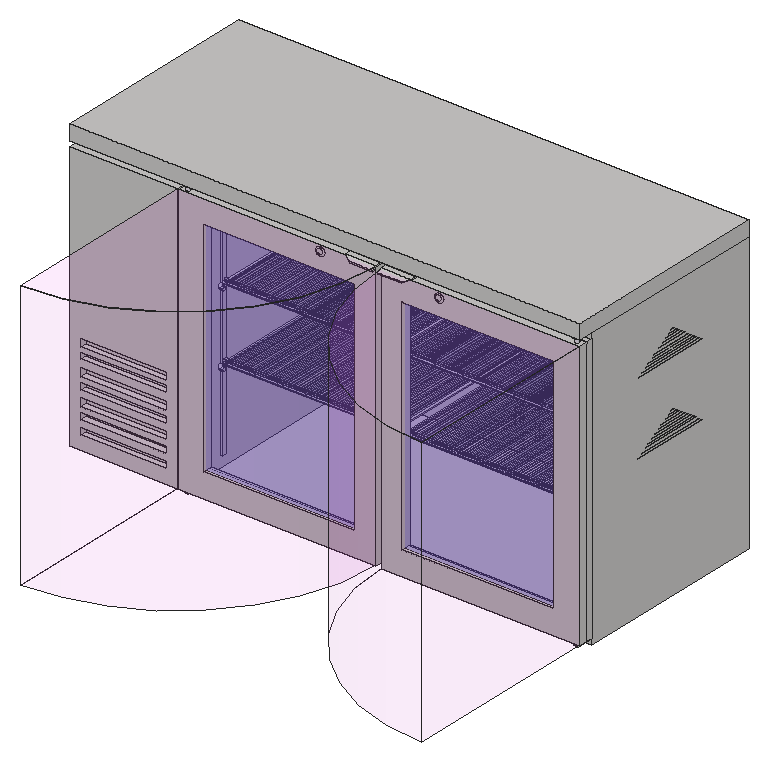
Revit family "QF_True_TBB24-60-2G-Z1-SFT-S-1_Glass_Swing_Door_Back_Bar", category Specialty Equipment, Revit 2021 (continued)
Definition of nested family "TBB24-60-2G-Z1-BST-B-1"
  Forms (in)
    Extrusion 219, solid
      sketch origin (21.18991, -21.41792, 13.54105) x (0, 0, -1) y (1, 0, 0)
        loop
          circle (-0.03189, 15.80488) r 0.03205
      from 0 to -18.90457
    Extrusion 220, solid
      sketch origin (40.73881, -21.41792, 13.54105) x (0, 0, -1) y (1, 0, 0)
        loop
          circle (-0.03189, 15.80488) r 0.03205
      from 0 to -18.90457
    Extrusion 221, solid
      sketch origin (21.52125, -21.41792, 13.54105) x (0, 0, -1) y (1, 0, 0)
        loop
          circle (-0.03189, 15.80488) r 0.03205
      from 0 to -18.90457
    Extrusion 222, solid
      sketch origin (21.85259, -21.41792, 13.54105) x (0, 0, -1) y (1, 0, 0)
        loop
          circle (-0.03189, 15.80488) r 0.03205
      from 0 to -18.90457
    Extrusion 223, solid
      sketch origin (22.18392, -21.41792, 13.54105) x (0, 0, -1) y (1, 0, 0)
        loop
          circle (-0.03189, 15.80488) r 0.03205
      from 0 to -18.90457
    Extrusion 224, solid
      sketch origin (22.51526, -21.41792, 13.54105) x (0, 0, -1) y (1, 0, 0)
        loop
          circle (-0.03189, 15.80488) r 0.03205
      from 0 to -18.90457
    Extrusion 225, solid
      sketch origin (22.8466, -21.41792, 13.54105) x (0, 0, -1) y (1, 0, 0)
        loop
          circle (-0.03189, 15.80488) r 0.03205
      from 0 to -18.90457
    Extrusion 226, solid
      sketch origin (23.17793, -21.41792, 13.54105) x (0, 0, -1) y (1, 0, 0)
        loop
          circle (-0.03189, 15.80488) r 0.03205
      from 0 to -18.90457
    Extrusion 227, solid
      sketch origin (23.50927, -21.41792, 13.54105) x (0, 0, -1) y (1, 0, 0)
        loop
          circle (-0.03189, 15.80488) r 0.03205
      from 0 to -18.90457
    Extrusion 228, solid
      sketch origin (23.84061, -21.41792, 13.54105) x (0, 0, -1) y (1, 0, 0)
        loop
          circle (-0.03189, 15.80488) r 0.03205
      from 0 to -18.90457
    Extrusion 229, solid
      sketch origin (24.17195, -21.41792, 13.54105) x (0, 0, -1) y (1, 0, 0)
        loop
          circle (-0.03189, 15.80488) r 0.03205
      from 0 to -18.90457
    Extrusion 230, solid
      sketch origin (24.50328, -21.41792, 13.54105) x (0, 0, -1) y (1, 0, 0)
        loop
          circle (-0.03189, 15.80488) r 0.03205
      from 0 to -18.90457
    Extrusion 231, solid
      sketch origin (24.83462, -21.41792, 13.54105) x (0, 0, -1) y (1, 0, 0)
        loop
          circle (-0.03189, 15.80488) r 0.03205
      from 0 to -18.90457
    Extrusion 232, solid
      sketch origin (25.16596, -21.41792, 13.54105) x (0, 0, -1) y (1, 0, 0)
        loop
          circle (-0.03189, 15.80488) r 0.03205
      from 0 to -18.90457
    Extrusion 233, solid
      sketch origin (25.4973, -21.41792, 13.54105) x (0, 0, -1) y (1, 0, 0)
        loop
          circle (-0.03189, 15.80488) r 0.03205
      from 0 to -18.90457
    Extrusion 234, solid
      sketch origin (25.82863, -21.41792, 13.54105) x (0, 0, -1) y (1, 0, 0)
        loop
          circle (-0.03189, 15.80488) r 0.03205
      from 0 to -18.90457
    Extrusion 235, solid
      sketch origin (26.15997, -21.41792, 13.54105) x (0, 0, -1) y (1, 0, 0)
        loop
          circle (-0.03189, 15.80488) r 0.03205
      from 0 to -18.90457
    Extrusion 236, solid
      sketch origin (26.49131, -21.41792, 13.54105) x (0, 0, -1) y (1, 0, 0)
        loop
          circle (-0.03189, 15.80488) r 0.03205
      from 0 to -18.90457
    Extrusion 237, solid
      sketch origin (26.82264, -21.41792, 13.54105) x (0, 0, -1) y (1, 0, 0)
        loop
          circle (-0.03189, 15.80488) r 0.03205
      from 0 to -18.90457
    Extrusion 238, solid
      sketch origin (27.15398, -21.41792, 13.54105) x (0, 0, -1) y (1, 0, 0)
        loop
          circle (-0.03189, 15.80488) r 0.03205
      from 0 to -18.90457
    Extrusion 239, solid
      sketch origin (27.48532, -21.41792, 13.54105) x (0, 0, -1) y (1, 0, 0)
        loop
          circle (-0.03189, 15.80488) r 0.03205
      from 0 to -18.90457
    Extrusion 240, solid
      sketch origin (27.81666, -21.41792, 13.54105) x (0, 0, -1) y (1, 0, 0)
        loop
          circle (-0.03189, 15.80488) r 0.03205
      from 0 to -18.90457
    Extrusion 241, solid
      sketch origin (28.14799, -21.41792, 13.54105) x (0, 0, -1) y (1, 0, 0)
        loop
          circle (-0.03189, 15.80488) r 0.03205
      from 0 to -18.90457
    Extrusion 242, solid
      sketch origin (28.47933, -21.41792, 13.54105) x (0, 0, -1) y (1, 0, 0)
        loop
          circle (-0.03189, 15.80488) r 0.03205
      from 0 to -18.90457
    Extrusion 243, solid
      sketch origin (28.81067, -21.41792, 13.54105) x (0, 0, -1) y (1, 0, 0)
        loop
          circle (-0.03189, 15.80488) r 0.03205
      from 0 to -18.90457
    Extrusion 244, solid
      sketch origin (29.142, -21.41792, 13.54105) x (0, 0, -1) y (1, 0, 0)
        loop
          circle (-0.03189, 15.80488) r 0.03205
      from 0 to -18.90457
    Extrusion 245, solid
      sketch origin (29.47334, -21.41792, 13.54105) x (0, 0, -1) y (1, 0, 0)
        loop
          circle (-0.03189, 15.80488) r 0.03205
      from 0 to -18.90457
    Extrusion 246, solid
      sketch origin (29.80468, -21.41792, 13.54105) x (0, 0, -1) y (1, 0, 0)
        loop
          circle (-0.03189, 15.80488) r 0.03205
      from 0 to -18.90457
    Extrusion 247, solid
      sketch origin (30.13602, -21.41792, 13.54105) x (0, 0, -1) y (1, 0, 0)
        loop
          circle (-0.03189, 15.80488) r 0.03205
      from 0 to -18.90457
    Extrusion 248, solid
      sketch origin (30.46735, -21.41792, 13.54105) x (0, 0, -1) y (1, 0, 0)
        loop
          circle (-0.03189, 15.80488) r 0.03205
      from 0 to -18.90457
    Extrusion 249, solid
      sketch origin (30.79869, -21.41792, 13.54105) x (0, 0, -1) y (1, 0, 0)
        loop
          circle (-0.03189, 15.80488) r 0.03205
      from 0 to -18.90457
    Extrusion 250, solid
      sketch origin (31.13003, -21.41792, 13.54105) x (0, 0, -1) y (1, 0, 0)
        loop
          circle (-0.03189, 15.80488) r 0.03205
      from 0 to -18.90457
    Extrusion 251, solid
      sketch origin (31.46137, -21.41792, 13.54105) x (0, 0, -1) y (1, 0, 0)
        loop
          circle (-0.03189, 15.80488) r 0.03205
      from 0 to -18.90457
    Extrusion 252, solid
      sketch origin (31.7927, -21.41792, 13.54105) x (0, 0, -1) y (1, 0, 0)
        loop
          circle (-0.03189, 15.80488) r 0.03205
      from 0 to -18.90457
    Extrusion 253, solid
      sketch origin (32.12404, -21.41792, 13.54105) x (0, 0, -1) y (1, 0, 0)
        loop
          circle (-0.03189, 15.80488) r 0.03205
      from 0 to -18.90457
    Extrusion 254, solid
      sketch origin (32.45538, -21.41792, 13.54105) x (0, 0, -1) y (1, 0, 0)
        loop
          circle (-0.03189, 15.80488) r 0.03205
      from 0 to -18.90457
    Extrusion 255, solid
      sketch origin (32.78671, -21.41792, 13.54105) x (0, 0, -1) y (1, 0, 0)
        loop
          circle (-0.03189, 15.80488) r 0.03205
      from 0 to -18.90457
    Extrusion 256, solid
      sketch origin (33.11805, -21.41792, 13.54105) x (0, 0, -1) y (1, 0, 0)
        loop
          circle (-0.03189, 15.80488) r 0.03205
      from 0 to -18.90457
    Extrusion 257, solid
      sketch origin (33.44939, -21.41792, 13.54105) x (0, 0, -1) y (1, 0, 0)
        loop
          circle (-0.03189, 15.80488) r 0.03205
      from 0 to -18.90457
    Extrusion 258, solid
      sketch origin (33.78073, -21.41792, 13.54105) x (0, 0, -1) y (1, 0, 0)
        loop
          circle (-0.03189, 15.80488) r 0.03205
      from 0 to -18.90457
    Extrusion 259, solid
      sketch origin (34.11206, -21.41792, 13.54105) x (0, 0, -1) y (1, 0, 0)
        loop
          circle (-0.03189, 15.80488) r 0.03205
      from 0 to -18.90457
    Extrusion 260, solid
      sketch origin (34.4434, -21.41792, 13.54105) x (0, 0, -1) y (1, 0, 0)
        loop
          circle (-0.03189, 15.80488) r 0.03205
      from 0 to -18.90457
    Extrusion 261, solid
      sketch origin (34.77474, -21.41792, 13.54105) x (0, 0, -1) y (1, 0, 0)
        loop
          circle (-0.03189, 15.80488) r 0.03205
      from 0 to -18.90457
    Extrusion 262, solid
      sketch origin (35.10607, -21.41792, 13.54105) x (0, 0, -1) y (1, 0, 0)
        loop
          circle (-0.03189, 15.80488) r 0.03205
      from 0 to -18.90457
    Extrusion 263, solid
      sketch origin (35.43741, -21.41792, 13.54105) x (0, 0, -1) y (1, 0, 0)
        loop
          circle (-0.03189, 15.80488) r 0.03205
      from 0 to -18.90457
    Extrusion 264, solid
      sketch origin (35.76875, -21.41792, 13.54105) x (0, 0, -1) y (1, 0, 0)
        loop
          circle (-0.03189, 15.80488) r 0.03205
      from 0 to -18.90457
    Extrusion 265, solid
      sketch origin (36.10009, -21.41792, 13.54105) x (0, 0, -1) y (1, 0, 0)
        loop
          circle (-0.03189, 15.80488) r 0.03205
      from 0 to -18.90457
    Extrusion 266, solid
      sketch origin (36.43142, -21.41792, 13.54105) x (0, 0, -1) y (1, 0, 0)
        loop
          circle (-0.03189, 15.80488) r 0.03205
      from 0 to -18.90457
    Extrusion 267, solid
      sketch origin (36.76276, -21.41792, 13.54105) x (0, 0, -1) y (1, 0, 0)
        loop
          circle (-0.03189, 15.80488) r 0.03205
      from 0 to -18.90457
    Extrusion 268, solid
      sketch origin (37.0941, -21.41792, 13.54105) x (0, 0, -1) y (1, 0, 0)
        loop
          circle (-0.03189, 15.80488) r 0.03205
      from 0 to -18.90457
    Extrusion 269, solid
      sketch origin (37.42544, -21.41792, 13.54105) x (0, 0, -1) y (1, 0, 0)
        loop
          circle (-0.03189, 15.80488) r 0.03205
      from 0 to -18.90457
    Extrusion 270, solid
      sketch origin (37.75677, -21.41792, 13.54105) x (0, 0, -1) y (1, 0, 0)
        loop
          circle (-0.03189, 15.80488) r 0.03205
      from 0 to -18.90457
    Extrusion 271, solid
      sketch origin (38.08811, -21.41792, 13.54105) x (0, 0, -1) y (1, 0, 0)
        loop
          circle (-0.03189, 15.80488) r 0.03205
      from 0 to -18.90457
    Extrusion 272, solid
      sketch origin (38.41945, -21.41792, 13.54105) x (0, 0, -1) y (1, 0, 0)
        loop
          circle (-0.03189, 15.80488) r 0.03205
      from 0 to -18.90457
    Extrusion 273, solid
      sketch origin (38.75078, -21.41792, 13.54105) x (0, 0, -1) y (1, 0, 0)
        loop
          circle (-0.03189, 15.80488) r 0.03205
      from 0 to -18.90457
    Extrusion 274, solid
      sketch origin (39.08212, -21.41792, 13.54105) x (0, 0, -1) y (1, 0, 0)
        loop
          circle (-0.03189, 15.80488) r 0.03205
      from 0 to -18.90457
    Extrusion 275, solid
      sketch origin (39.41346, -21.41792, 13.54105) x (0, 0, -1) y (1, 0, 0)
        loop
          circle (-0.03189, 15.80488) r 0.03205
      from 0 to -18.90457
    Extrusion 276, solid
      sketch origin (39.7448, -21.41792, 13.54105) x (0, 0, -1) y (1, 0, 0)
        loop
          circle (-0.03189, 15.80488) r 0.03205
      from 0 to -18.90457
    Extrusion 277, solid
      sketch origin (40.07613, -21.41792, 13.54105) x (0, 0, -1) y (1, 0, 0)
        loop
          circle (-0.03189, 15.80488) r 0.03205
      from 0 to -18.90457
    Extrusion 278, solid
      sketch origin (40.40747, -21.41792, 13.54105) x (0, 0, -1) y (1, 0, 0)
        loop
          circle (-0.03189, 15.80488) r 0.03205
      from 0 to -18.90457
    Revolve 279, solid
      sketch origin (-45.75, -24.2475, 32.27501) x (0, 0, -1) y (1, 0, 0)
        loop
          line (-0.66249, 59.28125) -> (0, 59.28125) -> (0, 59.53125) -> (-0.5, 59.53125) -> (-0.5, 59.70135) -> (-0.66249, 59.70135) -> (-0.66249, 59.28125)
        axis (-0.66249, 59.28125) -> (0, 59.28125)
      angle from 0 to 360
    Revolve 280, solid
      sketch origin (118.5625, -24.2475, 32.27501) x (0, 0, -1) y (1, 0, 0)
        loop
          line (-0.66249, -59.28125) -> (-0.66249, -59.70135) -> (-0.5, -59.70135) -> (-0.5, -59.53125) -> (0, -59.53125) -> (0, -59.28125) -> (-0.66249, -59.28125)
        axis (-0.66249, -59.28125) -> (0, -59.28125)
      angle from 0 to 360
    Blend 281, solid, material <- "Door Finish"
      base sketch origin (-19, -24.875, 35.99786) x (0, 0, -1) y (1, 0, 0)
        loop
          circle (4.37806, 48.52437) r 0.5
      top sketch origin (-19, -24.875, 35.99786) x (0, 0, 1) y (1, 0, 0)
        loop
          circle (-4.37806, 48.52437) r 0.37406
      from 0 to 0.04478
    Extrusion 282, solid, material <- "Door Finish"
      sketch origin (36.09375, -23.80172, 31.67503) x (0, 0, -1) y (0, 1, 0)
        loop
          line (-0.59999, -0.37926) -> (-0.72499, -0.37926) -> (-0.72499, -1.07258) -> (-0.43164, -1.54203) -> (-0.28424, -1.54203) -> (-0.59999, -1.03673) -> (-0.59999, -0.37926)
      from 0 to -3.5
    Extrusion 283, void
      sketch origin (36.09375, -24.8743, 32.40001) x (0, 0.848048, 0.529919) y (1, 0, 0)
        loop
          line (0, -3.5) -> (-0.84728, -2.4866) -> (-0.84728, -3.5) -> (0, -3.5)
      from 0 to 0.25
    Extrusion 284, solid, material <- "Door Finish"
      sketch origin (40.21875, -23.80172, 31.67503) x (0, 0, -1) y (0, 1, 0)
        loop
          line (-0.59999, -0.37926) -> (-0.72499, -0.37926) -> (-0.72499, -1.07258) -> (-0.43164, -1.54203) -> (-0.28424, -1.54203) -> (-0.59999, -1.03673) -> (-0.59999, -0.37926)
      from 0 to -3.5
    Extrusion 285, solid, material <- "Door Finish"
      sketch origin (1.0398, -23.09422, 32.9375) x (0, 0, -1) y (1, 0, 0)
        loop
          line (0.66249, 11.74145) -> (32.25, 11.74145) -> (32.25, 35.05395) -> (0.66249, 35.05395) -> (0.66249, 11.74145)
        loop
          line (3.27169, 14.74153) -> (29.40712, 14.74153) -> (29.40712, 32.59088) -> (3.27169, 32.59088) -> (3.27169, 14.74153)
      from 1.78078 to 0.64622
    Extrusion 286, void
      sketch origin (36.71875, -24.8743, 32.40001) x (0, 0.848048, 0.529919) y (1, 0, 0)
        loop
          line (0, 3.5) -> (-0.84728, 3.5) -> (-0.84728, 2.4866) -> (0, 3.5)
      from 0 to 0.25
    Extrusion 287, solid, visible <- "Show Door Clearance"
      sketch origin (36.01135, -23.09422, 0.6875) x (0, -1, 0) y (-1, 0, 0)
        loop
          line (1.78078, -0.7074) -> (1.78078, -24.0199) -> (24.99753, -24.0199)
          arc (24.99753, -24.0199) -> (18.11444, -7.65777) -> (1.78078, -0.7074) r 23.62444
      from 0 to -31.58751
    Extrusion 288, solid, visible <- "Show Door Clearance"
      sketch origin (36.80115, -23.09422, 0.6875) x (0, 1, 0) y (1, 0, 0)
        loop
          arc (-1.78078, -0.7074) -> (-18.11444, -7.65777) -> (-24.99753, -24.0199) r 23.62444
          line (-24.99753, -24.0199) -> (-1.78078, -24.0199) -> (-1.78078, -0.7074)
      from 0 to -31.58751
    Extrusion 289, solid
      sketch origin (34.40058, -23.09422, 3.53038) x (-1, 0, 0) y (0, -1, 0)
        loop
          line (18.61924, 1.4635) -> (0.7699, 1.4635) -> (0.7699, 0.9635) -> (18.61924, 0.9635) -> (18.61924, 1.4635)
      from 0 to 26.13543
    Extrusion 290, solid
      sketch origin (57.80107, -23.09422, 3.53038) x (-1, 0, 0) y (0, -1, 0)
        loop
          line (18.61924, 1.4635) -> (0.7699, 1.4635) -> (0.7699, 0.9635) -> (18.61924, 0.9635) -> (18.61924, 1.4635)
      from 0 to 26.13543
  Cuts and joins
    Extrusion 3, Extrusion 5 cuts Extrusion 2
    Extrusion 5 cuts Extrusion 4
    joined: Extrusion 26, Extrusion 27
    Extrusion 283, Extrusion 286 cuts Extrusion 282
    Extrusion 286 cuts Extrusion 285
    Extrusion 286 cuts Extrusion 284
  Lines and regions (in)
    Split face 1
      outline origin (0, 0.03125, 32.6875) x (0, 0, 1) y (1, 0, 0)
        loop
          line (-15.04167, 10.7061) -> (-29.59231, 10.7061) -> (-29.59231, 0.9561) -> (-15.04167, 0.9561) -> (-15.04167, 10.7061)
    Split face 2
      outline origin (60.03125, 0, 0) x (-1, 0, 0) y (0, 0, 1)
        loop
          line (48.03125, 32.9375) -> (48.03125, 0)
        loop
          line (45.65625, 0) -> (45.65625, 32.9375)
        loop
          line (2.75, 32.9375) -> (2.75, 0)
    Split face 3
      outline origin (0, -24.875, 32.27501) x (-1, 0, 0) y (0, 0, -1)
        loop
          line (-2.26866, 1.36126) -> (-2.26866, 2.86126) -> (-10.197, 2.86126) -> (-10.197, 1.36126) -> (-2.26866, 1.36126)
    symbolic lines
      curve 1: line (60.03125, 0, 0) -> (0, 0, 0)
      curve 2: line (0, 0, 0) -> (0, -25.34375, 0)
      curve 3: line (60.03125, -25.34375, 0) -> (60.03125, 0, 0)
      curve 4: line (0, -24.875, 0) -> (60.03125, -24.875, 0)
      curve 7: line (33.34928, -25.34375, 0) -> (32.68817, -24.875, 0)
      curve 8: line (33.34928, -25.34375, 0) -> (36.09375, -25.34375, 0)
      curve 9: line (36.09375, -25.34375, 0) -> (36.09375, -24.875, 0)
      curve 10: line (39.46322, -25.34375, 0) -> (40.12433, -24.875, 0)
      curve 11: line (39.46322, -25.34375, 0) -> (36.71875, -25.34375, 0)
      curve 12: line (36.71875, -25.34375, 0) -> (36.71875, -24.875, 0)
    symbolic lines, visible <- "Show Door Clearance"
      curve 5: line (12.78125, -24.875, 0) -> (32.83289, -36.45182, 0)
      curve 6: line (60.03125, -24.875, 0) -> (39.97961, -36.45182, 0)
      curve 13: arc (36.09375, -24.875, 0) -> (35.21239, -30.8744, 0) -> (32.83289, -36.45182, 0) r 23.62444
      curve 14: arc (39.97961, -36.45182, 0) -> (37.60011, -30.8744, 0) -> (36.71875, -24.875, 0) r 23.62444
  Dimensions and locks (in)
    equal spacing: plane 3 "LEFT", plane 7 "Center Y", plane 4 "RIGHT"
    "Length": plane 3 "LEFT" to plane 4 "RIGHT"
    equal spacing: plane 5 "FRONT", plane 8 "Center X", plane 1 "BACK"
    "Depth": plane 5 "FRONT" to plane 1 "BACK"
    "Height": plane 6 "TOP" to level
    plane 1 "BACK" to plane 9 = 48 3/32"
    plane 10 to level = 11/16"
    plane 5 "FRONT" to plane 1 "BACK" = 25 11/32"
    plane 9 to plane 1 "BACK" = 48 3/32"
    plane 6 "TOP" to plane 11 = 1 25/32"
    equal spacing: group 1, group 3, group 4, group 5, group 6, group 7, group 8, group 9, group 10, group 11, group 12, group 13, group 14, group 15, group 16, group 17, group 18, group 19, group 20, group 21, group 22, group 23, group 24, group 25, group 26, group 27, group 28, group 29, group 30, group 31, group 32, group 33, group 34, group 35, group 36, group 37, group 38, group 39, group 40, group 41, group 42, group 43, group 44, group 45, group 46, group 47, group 48, group 49, group 50, group 2  (x3)
    plane 5 "FRONT" to plane 9 = 22 3/4"
    plane 4 "RIGHT" to plane 3 "LEFT" = 60 1/32"
    plane 15 to plane 1 "BACK" = 24 7/8"
    equal spacing: group 51, group 53, group 54, group 55, group 56, group 57, group 58, group 59, group 60, group 61, group 62, group 63, group 64, group 65, group 66, group 67, group 68, group 69, group 70, group 71, group 72, group 73, group 74, group 75, group 76, group 77, group 78, group 79, group 80, group 81, group 82, group 83, group 84, group 85, group 86, group 87, group 88, group 89, group 90, group 91, group 92, group 93, group 94, group 95, group 96, group 97, group 98, group 99, group 100, group 101, group 102, group 103, group 104, group 105, group 106, group 107, group 108, group 109, group 110, group 52  (x3)
    aligned and locked: level to plane 2
  Automatic sketch dimensions
    Extrusion 1 sketch curve to plane 3 "LEFT" = 0"
    plane 4 "RIGHT" to Extrusion 1 sketch curve = 0"
    Extrusion 1 sketch curve to plane 11 = 0"
    Extrusion 1 sketch curve to plane 6 "TOP" = 0"
    plane 11 to Extrusion 2 sketch curve = 0"
    Extrusion 2 sketch curve to level = 0"
    Extrusion 2 sketch curve to plane 1 "BACK" = 0"
    Extrusion 2 sketch curve to plane 13 = 1.6763"
    plane 1 "BACK" to Extrusion 3 sketch curve = 1.91691"
    Extrusion 3 sketch curve to plane 13 = 1.6763"
    plane 3 "LEFT" to Extrusion 3 sketch curve = 14 29/32"
    plane 4 "RIGHT" to Extrusion 3 sketch curve = 2.61437"
    Extrusion 4 sketch curve to Extrusion 2 = 0"
    Extrusion 4 sketch curve to Extrusion 2 = 0.66249"
    Extrusion 4 sketch curve to Extrusion 2 = 11/16"
    Extrusion 2 to Extrusion 4 sketch curve = 12 25/32"
    Extrusion 4 to Extrusion 5 sketch curve = 1.61339"
    Extrusion 5 sketch curve to Extrusion 5 sketch curve = 0.82714"  (x4)
    Extrusion 5 sketch curve to Extrusion 5 sketch curve = 0.79786"
    Extrusion 5 sketch curve to Extrusion 5 sketch curve = 0.57908"  (x2)
    Extrusion 5 sketch curve to Extrusion 5 sketch curve = 1"  (x3)
    Extrusion 5 sketch curve to Extrusion 5 sketch curve = 0.71878"
    Extrusion 5 sketch curve to Extrusion 5 sketch curve = 0.84378"
    Extrusion 5 sketch curve to Extrusion 5 sketch curve = 0.45408"
    Extrusion 4 to Extrusion 5 sketch curve = 1.27626"  (x2)
    Extrusion 5 sketch curve to Extrusion 5 sketch curve = 0"  (x11)
    Extrusion 4 to Extrusion 5 sketch curve = 1.32665"
    Extrusion 6 sketch curve to Extrusion 2 = 0"
    Extrusion 2 to Extrusion 6 sketch curve = 9/16"
    Extrusion 6 sketch curve to Extrusion 6 sketch curve = 3/4"  (x3)
    Extrusion 6 sketch curve to Extrusion 2 = 13.59037"
    Extrusion 2 to Extrusion 6 sketch curve = 3/4"
    Extrusion 6 sketch curve to Extrusion 6 sketch curve = 0"  (x2)
    Extrusion 6 sketch curve to Extrusion 6 sketch curve = 0.44096"
    Extrusion 6 sketch curve to Extrusion 6 sketch curve = 4.44897"
    Extrusion 6 sketch curve to Extrusion 6 sketch curve = 10.52264"
    Split face 1 sketch curve to Extrusion 6 = 2.53269"
    Split face 1 sketch curve to Extrusion 6 = 2.4513"
    Split face 1 sketch curve to Extrusion 6 = 0.9561"
    Split face 1 sketch curve to Extrusion 6 = 1.31655"
    Extrusion 7 sketch curve to Extrusion 6 = 0.05904"
    Extrusion 6 to Extrusion 7 sketch curve = 0.19096"  (x2)
    Extrusion 7 sketch curve to Extrusion 6 = 0.31699"  (x2)
    Extrusion 7 sketch curve to Extrusion 7 sketch curve = 1/2"  (x2)
    Extrusion 7 sketch curve to Extrusion 7 sketch curve = 1/4"
    Extrusion 7 sketch curve to Extrusion 7 sketch curve = 0.43301"  (x2)
    Extrusion 8 sketch curve to Extrusion 6 = 0.72262"
    Extrusion 8 sketch curve to Extrusion 6 = 1.73005"
    Split face 2 sketch curve to cut or joined group of Extrusion 2, Extrusion 3, Extrusion 5 = 0"  (x6)
    Split face 2 sketch curve to cut or joined group of Extrusion 2, Extrusion 3, Extrusion 5 = 2 3/4"
    Split face 2 sketch curve to cut or joined group of Extrusion 2, Extrusion 3, Extrusion 5 = 14 3/8"
    Split face 2 sketch curve to Split face 2 sketch curve = 2 3/8"
    plane 11 to Blend 9 sketch curve = 1.31771"  (x2)
    plane 7 "Center Y" to Blend 9 sketch curve = 13.50874"  (x2)
    Split face 3 sketch curve to cut or joined group of Extrusion 4, Extrusion 5 = 1.2576"
    Split face 3 sketch curve to cut or joined group of Extrusion 4, Extrusion 5 = 0.9924"
    Split face 3 sketch curve to cut or joined group of Extrusion 4, Extrusion 5 = 1.36126"
    Split face 3 sketch curve to Split face 3 sketch curve = 1 1/2"
    Extrusion 10 sketch curve to Extrusion 3 = 1.6763"
    Extrusion 10 sketch curve to Extrusion 10 sketch curve = 1/2"  (x2)
    Extrusion 3 to Extrusion 10 sketch curve = 3.25101"
    Extrusion 3 to Extrusion 10 sketch curve = 1.46788"  (x2)
    Extrusion 3 to Extrusion 10 sketch curve = 1.74463"  (x2)
    Extrusion 3 to Extrusion 11 sketch curve = 2.75101"
    Extrusion 11 sketch curve to Extrusion 11 sketch curve = 1/2"  (x2)
    Extrusion 3 to Extrusion 11 sketch curve = 2.1763"
    Extrusion 3 to Extrusion 11 sketch curve = 1.46788"  (x2)
    Extrusion 3 to Extrusion 11 sketch curve = 1.74463"  (x2)
    Extrusion 3 to Extrusion 12 sketch curve = 1.46788"  (x4)
    Extrusion 12 sketch curve to Extrusion 3 = 3.8189"
    Extrusion 12 sketch curve to Extrusion 12 sketch curve = 1/2"  (x4)
    Extrusion 12 sketch curve to Extrusion 12 sketch curve = 15 5/16"
    Extrusion 12 sketch curve to Extrusion 12 sketch curve = 1.77627"
    Extrusion 3 to Extrusion 12 sketch curve = 1.74463"  (x4)
    Extrusion 12 sketch curve to Extrusion 3 = 4.27984"
    Sweep 13 sketch curve to plane 13 = 0"
    plane 13 to Sweep 13 sketch curve = 1/2"
    plane 7 "Center Y" to Sweep 13 sketch curve = 5.49328"
    Sweep 13 sketch curve to Sweep 13 sketch curve = 1/2"  (x2)
    Sweep 13 sketch curve to plane 13 = 1/2"
    Sweep 13 sketch curve to plane 7 "Center Y" = 14.00672"  (x2)
    plane 1 "BACK" to Sweep 13 sketch curve = 3.04972"
    Sweep 13 sketch curve to Sweep 13 sketch curve = 1/4"
    profile plane to Sweep 13 sketch curve = 0"
    Sweep 13 sketch curve to profile plane = 0.10817"
    Extrusion 10 to Extrusion 14 sketch curve = 0"
    Extrusion 10 to Extrusion 14 sketch curve = 9.35512"  (x2)
    Extrusion 14 sketch curve to Extrusion 10 = 0.44283"
    Extrusion 14 sketch curve to Extrusion 14 sketch curve = 0.44283"  (x3)
    Extrusion 14 sketch curve to Extrusion 14 sketch curve = 0.13831"  (x2)
    Extrusion 14 sketch curve to Extrusion 14 sketch curve = 40.86249"
    Extrusion 10 to Extrusion 15 sketch curve = 0"
    Extrusion 10 to Extrusion 15 sketch curve = 9.35512"  (x2)
    Extrusion 15 sketch curve to Extrusion 10 = 0.44283"
    Extrusion 15 sketch curve to Extrusion 15 sketch curve = 0.44283"  (x3)
    Extrusion 15 sketch curve to Extrusion 15 sketch curve = 0.13831"  (x2)
    Extrusion 15 sketch curve to Extrusion 15 sketch curve = 40.86249"
    Extrusion 16 sketch curve to Extrusion 12 = 0"
    Extrusion 12 to Extrusion 16 sketch curve = 9.35512"
    Extrusion 16 sketch curve to Extrusion 16 sketch curve = 0.44283"  (x2)
    Extrusion 16 sketch curve to Extrusion 16 sketch curve = 0.13831"
    Extrusion 17 sketch curve to Extrusion 12 = 0"
    Extrusion 12 to Extrusion 17 sketch curve = 9.35512"
    Extrusion 17 sketch curve to Extrusion 17 sketch curve = 0.44283"  (x2)
    Extrusion 17 sketch curve to Extrusion 17 sketch curve = 0.13831"
    plane 1 "BACK" to Extrusion 18 sketch curve = 2.29972"
    plane 11 to Extrusion 18 sketch curve = 11.76224"
    Extrusion 18 sketch curve to Extrusion 18 sketch curve = 0.44283"  (x2)
    Extrusion 18 sketch curve to Extrusion 18 sketch curve = 0.13831"
    Extrusion 10 to Extrusion 19 sketch curve = 0"
    Extrusion 19 sketch curve to Extrusion 10 = 9.14488"  (x2)
    Extrusion 19 sketch curve to Extrusion 10 = 0.44283"
    Extrusion 19 sketch curve to Extrusion 19 sketch curve = 0.44283"  (x3)
    Extrusion 19 sketch curve to Extrusion 19 sketch curve = 0.13831"  (x2)
    Extrusion 19 sketch curve to Extrusion 19 sketch curve = 40.86249"
    Extrusion 20 sketch curve to Extrusion 12 = 0"
    Extrusion 20 sketch curve to Extrusion 12 = 9.14488"
    Extrusion 20 sketch curve to Extrusion 20 sketch curve = 0.44283"  (x2)
    Extrusion 20 sketch curve to Extrusion 20 sketch curve = 0.13831"
    Extrusion 21 sketch curve to Extrusion 12 = 0"
    Extrusion 21 sketch curve to Extrusion 12 = 9.14488"
    Extrusion 21 sketch curve to Extrusion 21 sketch curve = 0.44283"  (x2)
    Extrusion 21 sketch curve to Extrusion 21 sketch curve = 0.13831"
    plane 13 to Extrusion 22 sketch curve = 0.25025"
    plane 11 to Extrusion 22 sketch curve = 10.77657"
    plane 13 to Extrusion 23 sketch curve = 0.25025"
    Extrusion 23 sketch curve to plane 12 = 11.59843"
    plane 13 to Extrusion 24 sketch curve = 0.25025"
    plane 11 to Extrusion 24 sketch curve = 10.77657"
    plane 13 to Extrusion 25 sketch curve = 0.25025"
    Extrusion 25 sketch curve to plane 12 = 11.59452"
    plane 4 "RIGHT" to Extrusion 26 sketch curve = 11/32"
    Extrusion 26 sketch curve to Extrusion 26 sketch curve = 0.14658"
    Extrusion 26 sketch curve to Extrusion 26 sketch curve = 0.2895"  (x2)
    plane 15 to Extrusion 26 sketch curve = 0.4309"  (x2)
    Extrusion 26 sketch curve to Extrusion 26 sketch curve = 0.15382"  (x4)
    Extrusion 26 sketch curve to Extrusion 26 sketch curve = 1.19762"
    Extrusion 26 sketch curve to Extrusion 26 sketch curve = 0.08965"  (x3)
    plane 15 to Extrusion 26 sketch curve = 1.56435"
    plane 3 "LEFT" to Extrusion 26 sketch curve = 14.87959"
    Extrusion 26 sketch curve to Extrusion 26 sketch curve = 1.13345"
    Extrusion 26 sketch curve to Extrusion 26 sketch curve = 0.43608"
    Extrusion 26 sketch curve to Extrusion 26 sketch curve = 1.2231"
    Extrusion 26 sketch curve to Extrusion 26 sketch curve = 1.34988"
    Extrusion 27 sketch curve to Extrusion 2 = 11/16"  (x2)
    Extrusion 27 sketch curve to Extrusion 2 = 0.33506"  (x2)
    Extrusion 2 to Extrusion 27 sketch curve = 13 5/32"
    Extrusion 27 sketch curve to Extrusion 27 sketch curve = 1.76048"
    Extrusion 2 to Extrusion 27 sketch curve = 2.10423"
    Extrusion 2 to Extrusion 27 sketch curve = 11/32"
    Revolve 28 sketch curve to plane 10 = 0"  (x2)
    plane 14 to Revolve 28 sketch curve = 1/16"
    plane 15 to Revolve 28 sketch curve = 1.0928"
    Revolve 28 sketch curve to Revolve 28 sketch curve = 0.19414"
    Revolve 28 sketch curve to plane 10 = 0.14497"
    Revolve 28 sketch curve to Revolve 28 sketch curve = 0"
    Revolve 29 sketch curve to plane 10 = 0"  (x2)
    plane 14 to Revolve 29 sketch curve = 1/16"
    plane 15 to Revolve 29 sketch curve = 1.0928"
    Revolve 29 sketch curve to Revolve 29 sketch curve = 0.19414"
    Revolve 29 sketch curve to plane 10 = 0.14497"
    Revolve 29 sketch curve to Revolve 29 sketch curve = 0"
    Extrusion 30 sketch curve to Extrusion 2 = 0.66249"
    Extrusion 30 sketch curve to Extrusion 30 sketch curve = 1"  (x3)
    Extrusion 30 sketch curve to Extrusion 2 = 1 11/16"
    Extrusion 30 sketch curve to Extrusion 2 = 11/16"
    Extrusion 2 to Extrusion 30 sketch curve = 12 25/32"
    Extrusion 30 sketch curve to Extrusion 30 sketch curve = 21 5/8"
    Extrusion 2 to Extrusion 31 sketch curve = 0"
    Extrusion 31 sketch curve to Extrusion 2 = 0.66249"
    Extrusion 31 sketch curve to Extrusion 31 sketch curve = 1"  (x2)
    Extrusion 31 sketch curve to Extrusion 2 = 1 11/16"
    Extrusion 31 sketch curve to Extrusion 2 = 11/16"
    Extrusion 2 to Extrusion 31 sketch curve = 1"
    Extrusion 31 sketch curve to Extrusion 31 sketch curve = 21 5/8"
    Extrusion 2 to Extrusion 32 sketch curve = 0"
    Extrusion 32 sketch curve to Extrusion 2 = 0.66249"
    Extrusion 32 sketch curve to Extrusion 2 = 3.27169"
    Extrusion 32 sketch curve to Extrusion 2 = 3.53038"
    Extrusion 32 sketch curve to Extrusion 2 = 11/16"
    Extrusion 2 to Extrusion 32 sketch curve = 3.00008"
    Extrusion 32 sketch curve to Extrusion 32 sketch curve = 17.84934"
    Extrusion 32 sketch curve to Extrusion 32 sketch curve = 2.46307"
    Sweep 33 sketch curve to plane 13 = 0"
    plane 13 to Sweep 33 sketch curve = 1/2"
    plane 7 "Center Y" to Sweep 33 sketch curve = 5.49328"
    Sweep 33 sketch curve to Sweep 33 sketch curve = 1/2"  (x2)
    Sweep 33 sketch curve to plane 13 = 1/2"
    Sweep 33 sketch curve to plane 7 "Center Y" = 14.00672"  (x2)
    plane 1 "BACK" to Sweep 33 sketch curve = 3.04972"
    Sweep 33 sketch curve to Sweep 33 sketch curve = 1/4"
    profile plane to Sweep 33 sketch curve = 0"
    Sweep 33 sketch curve to profile plane = 0.10817"
    plane 1 "BACK" to Extrusion 34 sketch curve = 2.29972"
    plane 11 to Extrusion 34 sketch curve = 11.76224"
    Extrusion 34 sketch curve to Extrusion 34 sketch curve = 0.44283"  (x2)
    Extrusion 34 sketch curve to Extrusion 34 sketch curve = 0.13831"
    Extrusion 35 sketch curve to Extrusion 12 = 0"
    Extrusion 35 sketch curve to Extrusion 12 = 9.72603"
    Extrusion 35 sketch curve to Extrusion 12 = 0.44283"
    Extrusion 35 sketch curve to Extrusion 35 sketch curve = 0.13831"
    Extrusion 35 sketch curve to Extrusion 35 sketch curve = 0.58114"
    Extrusion 36 sketch curve to Extrusion 12 = 0"
    Extrusion 12 to Extrusion 36 sketch curve = 9.14488"
    Extrusion 36 sketch curve to Extrusion 36 sketch curve = 0.44283"
    Extrusion 36 sketch curve to Extrusion 36 sketch curve = 0.13831"
    Extrusion 36 sketch curve to Extrusion 12 = 0.44283"
    Sweep 37 sketch curve to plane 13 = 0"
    plane 13 to Sweep 37 sketch curve = 1/2"
    plane 7 "Center Y" to Sweep 37 sketch curve = 6.7986"
    Sweep 37 sketch curve to Sweep 37 sketch curve = 1/2"  (x2)
    Sweep 37 sketch curve to plane 13 = 1/2"
    plane 4 "RIGHT" to Sweep 37 sketch curve = 3.71703"  (x2)
    plane 1 "BACK" to Sweep 37 sketch curve = 3.04972"
    Sweep 37 sketch curve to Sweep 37 sketch curve = 1/4"
    Sweep 37 sketch curve to Sweep 37 sketch curve = 0"
    profile plane to Sweep 37 sketch curve = 0"
    Sweep 37 sketch curve to profile plane = 0.10817"
    Sweep 38 sketch curve to plane 13 = 0"
    plane 13 to Sweep 38 sketch curve = 1/2"
    plane 7 "Center Y" to Sweep 38 sketch curve = 6.7986"
    Sweep 38 sketch curve to Sweep 38 sketch curve = 1/2"  (x2)
    Sweep 38 sketch curve to plane 13 = 1/2"
    plane 4 "RIGHT" to Sweep 38 sketch curve = 3.71703"  (x2)
    plane 1 "BACK" to Sweep 38 sketch curve = 3.04972"
    Sweep 38 sketch curve to Sweep 38 sketch curve = 1/4"
    Sweep 38 sketch curve to Sweep 38 sketch curve = 0"
    profile plane to Sweep 38 sketch curve = 0"
    Sweep 38 sketch curve to profile plane = 0.10817"
    Revolve 279 sketch curve to plane 11 = 0"  (x2)
    plane 11 to Revolve 279 sketch curve = 0.16249"  (x2)
    Revolve 279 sketch curve to Revolve 279 sketch curve = 1/2"
    plane 3 "LEFT" to Revolve 279 sketch curve = 13 17/32"
    Revolve 279 sketch curve to Revolve 279 sketch curve = 1/4"
    Revolve 279 sketch curve to Revolve 279 sketch curve = 0.1701"
    Revolve 279 sketch curve to Revolve 279 sketch curve = 0"
    Revolve 280 sketch curve to plane 11 = 0"  (x2)
    plane 11 to Revolve 280 sketch curve = 0.16249"  (x2)
    Revolve 280 sketch curve to Revolve 280 sketch curve = 1/2"
    plane 4 "RIGHT" to Revolve 280 sketch curve = 1.1701"
    Revolve 280 sketch curve to Revolve 280 sketch curve = 0.1701"
    Revolve 280 sketch curve to Revolve 280 sketch curve = 1/4"
    Revolve 280 sketch curve to Revolve 280 sketch curve = 0"
    Blend 281 sketch curve to plane 7 "Center Y" = 0.49126"  (x2)
    plane 11 to Blend 281 sketch curve = 1.31771"  (x2)
    Extrusion 282 sketch curve to plane 5 "FRONT" = 0"
    plane 15 to Extrusion 282 sketch curve = 0.0007"
    plane 11 to Extrusion 282 sketch curve = 0.53749"
    Extrusion 282 sketch curve to Extrusion 282 sketch curve = 1/8"
    Extrusion 282 sketch curve to Extrusion 282 sketch curve = 0.16835"
    Extrusion 282 sketch curve to Extrusion 282 sketch curve = 0.1474"
    plane 15 to Extrusion 282 sketch curve = 0.03655"
    Extrusion 282 sketch curve to Extrusion 282 sketch curve = 0.65747"
    Extrusion 283 sketch curve to Extrusion 282 = 0"  (x2)
    Extrusion 283 sketch curve to Extrusion 282 = 0.2937"
    Extrusion 283 sketch curve to Extrusion 282 = 1.0134"
    Extrusion 284 sketch curve to plane 5 "FRONT" = 0"
    plane 15 to Extrusion 284 sketch curve = 0.0007"
    plane 11 to Extrusion 284 sketch curve = 0.53749"
    Extrusion 284 sketch curve to Extrusion 284 sketch curve = 1/8"
    Extrusion 284 sketch curve to Extrusion 284 sketch curve = 0.16835"
    Extrusion 284 sketch curve to Extrusion 284 sketch curve = 0.1474"
    plane 15 to Extrusion 284 sketch curve = 0.03655"
    Extrusion 284 sketch curve to Extrusion 284 sketch curve = 0.65747"
    Extrusion 285 sketch curve to Extrusion 2 = 0.66249"
    Extrusion 285 sketch curve to Extrusion 2 = 3.27169"
    Extrusion 285 sketch curve to Extrusion 2 = 3.53038"
    Extrusion 285 sketch curve to Extrusion 2 = 11/16"
    Extrusion 2 to Extrusion 285 sketch curve = 12 25/32"
    Extrusion 285 sketch curve to Extrusion 285 sketch curve = 3.00008"
    Extrusion 285 sketch curve to Extrusion 285 sketch curve = 17.84934"
    Extrusion 285 sketch curve to Extrusion 285 sketch curve = 2.46307"
    Extrusion 282 to Extrusion 286 sketch curve = 0"
    Extrusion 286 sketch curve to Extrusion 282 = 0.2937"
    Extrusion 282 to Extrusion 286 sketch curve = 3.1116"
    Extrusion 286 sketch curve to Extrusion 286 sketch curve = 1.0134"
    Extrusion 287 sketch curve to plane 15 = 0"
    Extrusion 287 sketch curve to plane 4 "RIGHT" = 0"
    Extrusion 287 sketch curve to plane 4 "RIGHT" = 0.30846"
    plane 15 to Extrusion 287 sketch curve = 0.40568"
    plane 9 to Extrusion 287 sketch curve = 0.00201"
    Extrusion 288 sketch curve to plane 15 = 0"
    plane 9 to Extrusion 288 sketch curve = 0.00201"
    plane 15 to Extrusion 288 sketch curve = 0.40568"
    plane 7 "Center Y" to Extrusion 288 sketch curve = 6 5/64"
    plane 3 "LEFT" to Extrusion 288 sketch curve = 12.47279"
    Extrusion 289 sketch curve to Extrusion 285 = 0"  (x2)
    Extrusion 285 to Extrusion 289 sketch curve = 0.31728"  (x2)
    Extrusion 285 to Extrusion 290 sketch curve = 0.31728"  (x2)
    Extrusion 290 sketch curve to Extrusion 285 = 23.40049"
    Extrusion 290 sketch curve to Extrusion 285 = 5.55115"
    plane 1 "BACK" to curve 1 = 0"
    curve 1 to plane 3 "LEFT" = 0"
    curve 5 to plane 15 = 0"
    plane 5 "FRONT" to curve 7 = 0"
    plane 5 "FRONT" to curve 12 = 0"
    curve 6 to plane 4 "RIGHT" = 0"
    plane 5 "FRONT" to curve 2 = 0"
    plane 5 "FRONT" to curve 3 = 0"
    plane 7 "Center Y" to curve 7 = 3.33365"
    curve 7 to curve 9 = 2.74447"
    curve 8 to curve 12 = 5/8"
    curve 11 to curve 11 = 2.74447"
    plane 3 "LEFT" to curve 5 = 12 25/32"
    curve 7 to curve 7 = 0.66111"
    plane 7 "Center Y" to curve 5 = 2.81727"
    curve 5 to curve 6 = 7.14671"
    curve 10 to curve 10 = 0.66111"
    curve 5 to curve 6 = 0"
    curve 13 to curve 5 = 0.30846"
    plane 15 to curve 13 = 0.40568"
    curve 14 to plane 4 "RIGHT" = 0.30846"
    plane 15 to curve 14 = 0.40568"
    curve 14 to curve 12 = 0"
    radius of Extrusion 39 sketch curve = 0.03205"
    radius of Extrusion 40 sketch curve = 0.03205"
    radius of Extrusion 41 sketch curve = 0.03205"
    radius of Extrusion 42 sketch curve = 0.03205"
    radius of Extrusion 43 sketch curve = 0.03205"
    radius of Extrusion 44 sketch curve = 0.03205"
    radius of Extrusion 45 sketch curve = 0.03205"
    radius of Extrusion 46 sketch curve = 0.03205"
    radius of Extrusion 47 sketch curve = 0.03205"
    radius of Extrusion 48 sketch curve = 0.03205"
    radius of Extrusion 49 sketch curve = 0.03205"
    radius of Extrusion 50 sketch curve = 0.03205"
    radius of Extrusion 51 sketch curve = 0.03205"
    radius of Extrusion 52 sketch curve = 0.03205"
    radius of Extrusion 53 sketch curve = 0.03205"
    radius of Extrusion 54 sketch curve = 0.03205"
    radius of Extrusion 55 sketch curve = 0.03205"
    radius of Extrusion 56 sketch curve = 0.03205"
    radius of Extrusion 57 sketch curve = 0.03205"
    radius of Extrusion 58 sketch curve = 0.03205"
    radius of Extrusion 59 sketch curve = 0.03205"
    radius of Extrusion 60 sketch curve = 0.03205"
    radius of Extrusion 61 sketch curve = 0.03205"
    radius of Extrusion 62 sketch curve = 0.03205"
    radius of Extrusion 63 sketch curve = 0.03205"
    radius of Extrusion 64 sketch curve = 0.03205"
    radius of Extrusion 65 sketch curve = 0.03205"
    radius of Extrusion 66 sketch curve = 0.03205"
    radius of Extrusion 67 sketch curve = 0.03205"
    radius of Extrusion 68 sketch curve = 0.03205"
    radius of Extrusion 69 sketch curve = 0.03205"
    radius of Extrusion 70 sketch curve = 0.03205"
    radius of Extrusion 71 sketch curve = 0.03205"
    radius of Extrusion 72 sketch curve = 0.03205"
    radius of Extrusion 73 sketch curve = 0.03205"
    radius of Extrusion 74 sketch curve = 0.03205"
    radius of Extrusion 75 sketch curve = 0.03205"
    radius of Extrusion 76 sketch curve = 0.03205"
    radius of Extrusion 77 sketch curve = 0.03205"
    radius of Extrusion 78 sketch curve = 0.03205"
    radius of Extrusion 79 sketch curve = 0.03205"
    radius of Extrusion 80 sketch curve = 0.03205"
    radius of Extrusion 81 sketch curve = 0.03205"
    radius of Extrusion 82 sketch curve = 0.03205"
    radius of Extrusion 83 sketch curve = 0.03205"
    radius of Extrusion 84 sketch curve = 0.03205"
    radius of Extrusion 85 sketch curve = 0.03205"
    radius of Extrusion 86 sketch curve = 0.03205"
    radius of Extrusion 87 sketch curve = 0.03205"
    radius of Extrusion 88 sketch curve = 0.03205"
    radius of Extrusion 89 sketch curve = 0.03205"
    radius of Extrusion 90 sketch curve = 0.03205"
    radius of Extrusion 91 sketch curve = 0.03205"
    radius of Extrusion 92 sketch curve = 0.03205"
    radius of Extrusion 93 sketch curve = 0.03205"
    radius of Extrusion 94 sketch curve = 0.03205"
    radius of Extrusion 95 sketch curve = 0.03205"
    radius of Extrusion 96 sketch curve = 0.03205"
    radius of Extrusion 97 sketch curve = 0.03205"
    radius of Extrusion 98 sketch curve = 0.03205"
    radius of Extrusion 99 sketch curve = 0.03205"
    radius of Extrusion 100 sketch curve = 0.03205"
    radius of Extrusion 101 sketch curve = 0.03205"
    radius of Extrusion 102 sketch curve = 0.03205"
    radius of Extrusion 103 sketch curve = 0.03205"
    radius of Extrusion 104 sketch curve = 0.03205"
    radius of Extrusion 105 sketch curve = 0.03205"
    radius of Extrusion 106 sketch curve = 0.03205"
    radius of Extrusion 107 sketch curve = 0.03205"
    radius of Extrusion 108 sketch curve = 0.03205"
    radius of Extrusion 109 sketch curve = 0.03205"
    radius of Extrusion 110 sketch curve = 0.03205"
    radius of Extrusion 111 sketch curve = 0.03205"
    radius of Extrusion 112 sketch curve = 0.03205"
    radius of Extrusion 113 sketch curve = 0.03205"
    radius of Extrusion 114 sketch curve = 0.03205"
    radius of Extrusion 115 sketch curve = 0.03205"
    radius of Extrusion 116 sketch curve = 0.03205"
    radius of Extrusion 117 sketch curve = 0.03205"
    radius of Extrusion 118 sketch curve = 0.03205"
    radius of Extrusion 119 sketch curve = 0.03205"
    radius of Extrusion 120 sketch curve = 0.03205"
    radius of Extrusion 121 sketch curve = 0.03205"
    radius of Extrusion 122 sketch curve = 0.03205"
    radius of Extrusion 123 sketch curve = 0.03205"
    radius of Extrusion 124 sketch curve = 0.03205"
    radius of Extrusion 125 sketch curve = 0.03205"
    radius of Extrusion 126 sketch curve = 0.03205"
    radius of Extrusion 127 sketch curve = 0.03205"
    radius of Extrusion 128 sketch curve = 0.03205"
    radius of Extrusion 129 sketch curve = 0.03205"
    radius of Extrusion 130 sketch curve = 0.03205"
    radius of Extrusion 131 sketch curve = 0.03205"
    radius of Extrusion 132 sketch curve = 0.03205"
    radius of Extrusion 133 sketch curve = 0.03205"
    radius of Extrusion 134 sketch curve = 0.03205"
    radius of Extrusion 135 sketch curve = 0.03205"
    radius of Extrusion 136 sketch curve = 0.03205"
    radius of Extrusion 137 sketch curve = 0.03205"
    radius of Extrusion 138 sketch curve = 0.03205"
    radius of Extrusion 139 sketch curve = 0.03205"
    radius of Extrusion 140 sketch curve = 0.03205"
    radius of Extrusion 141 sketch curve = 0.03205"
    radius of Extrusion 142 sketch curve = 0.03205"
    radius of Extrusion 143 sketch curve = 0.03205"
    radius of Extrusion 144 sketch curve = 0.03205"
    radius of Extrusion 145 sketch curve = 0.03205"
    radius of Extrusion 146 sketch curve = 0.03205"
    radius of Extrusion 147 sketch curve = 0.03205"
    radius of Extrusion 148 sketch curve = 0.03205"
    radius of Extrusion 149 sketch curve = 0.03205"
    radius of Extrusion 150 sketch curve = 0.03205"
    radius of Extrusion 151 sketch curve = 0.03205"
    radius of Extrusion 152 sketch curve = 0.03205"
    radius of Extrusion 153 sketch curve = 0.03205"
    radius of Extrusion 154 sketch curve = 0.03205"
    radius of Extrusion 155 sketch curve = 0.03205"
    radius of Extrusion 156 sketch curve = 0.03205"
    radius of Extrusion 157 sketch curve = 0.03205"
    radius of Extrusion 158 sketch curve = 0.03205"
    radius of Extrusion 159 sketch curve = 0.03205"  (x2)
    radius of Extrusion 218 sketch curve = 0.03205"
    radius of Extrusion 219 sketch curve = 0.03205"  (x2)
    radius of Extrusion 278 sketch curve = 0.03205"
    radius of Extrusion 160 sketch curve = 0.03205"
    radius of Extrusion 220 sketch curve = 0.03205"
    radius of Extrusion 161 sketch curve = 0.03205"
    radius of Extrusion 221 sketch curve = 0.03205"
    radius of Extrusion 162 sketch curve = 0.03205"
    radius of Extrusion 222 sketch curve = 0.03205"
    radius of Extrusion 163 sketch curve = 0.03205"
    radius of Extrusion 223 sketch curve = 0.03205"
    radius of Extrusion 164 sketch curve = 0.03205"
    radius of Extrusion 224 sketch curve = 0.03205"
    radius of Extrusion 165 sketch curve = 0.03205"
    radius of Extrusion 225 sketch curve = 0.03205"
    radius of Extrusion 166 sketch curve = 0.03205"
    radius of Extrusion 226 sketch curve = 0.03205"
    radius of Extrusion 167 sketch curve = 0.03205"
    radius of Extrusion 227 sketch curve = 0.03205"
    radius of Extrusion 168 sketch curve = 0.03205"
    radius of Extrusion 228 sketch curve = 0.03205"
    radius of Extrusion 169 sketch curve = 0.03205"
    radius of Extrusion 229 sketch curve = 0.03205"
    radius of Extrusion 170 sketch curve = 0.03205"
    radius of Extrusion 230 sketch curve = 0.03205"
    radius of Extrusion 171 sketch curve = 0.03205"
    radius of Extrusion 231 sketch curve = 0.03205"
    radius of Extrusion 172 sketch curve = 0.03205"
    radius of Extrusion 232 sketch curve = 0.03205"
    radius of Extrusion 173 sketch curve = 0.03205"
    radius of Extrusion 233 sketch curve = 0.03205"
    radius of Extrusion 174 sketch curve = 0.03205"
    radius of Extrusion 234 sketch curve = 0.03205"
    radius of Extrusion 175 sketch curve = 0.03205"
    radius of Extrusion 235 sketch curve = 0.03205"
    radius of Extrusion 176 sketch curve = 0.03205"
    radius of Extrusion 236 sketch curve = 0.03205"
    radius of Extrusion 177 sketch curve = 0.03205"
    radius of Extrusion 237 sketch curve = 0.03205"
    radius of Extrusion 178 sketch curve = 0.03205"
    radius of Extrusion 238 sketch curve = 0.03205"
    radius of Extrusion 179 sketch curve = 0.03205"
    radius of Extrusion 239 sketch curve = 0.03205"
    radius of Extrusion 180 sketch curve = 0.03205"
    radius of Extrusion 240 sketch curve = 0.03205"
    radius of Extrusion 181 sketch curve = 0.03205"
    radius of Extrusion 241 sketch curve = 0.03205"
    radius of Extrusion 182 sketch curve = 0.03205"
    radius of Extrusion 242 sketch curve = 0.03205"
    radius of Extrusion 183 sketch curve = 0.03205"
    radius of Extrusion 243 sketch curve = 0.03205"
    radius of Extrusion 184 sketch curve = 0.03205"
    radius of Extrusion 244 sketch curve = 0.03205"
    radius of Extrusion 185 sketch curve = 0.03205"
    radius of Extrusion 245 sketch curve = 0.03205"
    radius of Extrusion 186 sketch curve = 0.03205"
    radius of Extrusion 246 sketch curve = 0.03205"
    radius of Extrusion 187 sketch curve = 0.03205"
    radius of Extrusion 247 sketch curve = 0.03205"
    radius of Extrusion 188 sketch curve = 0.03205"
    radius of Extrusion 248 sketch curve = 0.03205"
    radius of Extrusion 189 sketch curve = 0.03205"
    radius of Extrusion 249 sketch curve = 0.03205"
    radius of Extrusion 190 sketch curve = 0.03205"
    radius of Extrusion 250 sketch curve = 0.03205"
    radius of Extrusion 191 sketch curve = 0.03205"
    radius of Extrusion 251 sketch curve = 0.03205"
    radius of Extrusion 192 sketch curve = 0.03205"
    radius of Extrusion 252 sketch curve = 0.03205"
    radius of Extrusion 193 sketch curve = 0.03205"
    radius of Extrusion 253 sketch curve = 0.03205"
    radius of Extrusion 194 sketch curve = 0.03205"
    radius of Extrusion 254 sketch curve = 0.03205"
    radius of Extrusion 195 sketch curve = 0.03205"
    radius of Extrusion 255 sketch curve = 0.03205"
    radius of Extrusion 196 sketch curve = 0.03205"
    radius of Extrusion 256 sketch curve = 0.03205"
    radius of Extrusion 197 sketch curve = 0.03205"
    radius of Extrusion 257 sketch curve = 0.03205"
    radius of Extrusion 198 sketch curve = 0.03205"
    radius of Extrusion 258 sketch curve = 0.03205"
    radius of Extrusion 199 sketch curve = 0.03205"
    radius of Extrusion 259 sketch curve = 0.03205"
    radius of Extrusion 200 sketch curve = 0.03205"
    radius of Extrusion 260 sketch curve = 0.03205"
    radius of Extrusion 201 sketch curve = 0.03205"
    radius of Extrusion 261 sketch curve = 0.03205"
    radius of Extrusion 202 sketch curve = 0.03205"
    radius of Extrusion 262 sketch curve = 0.03205"
    radius of Extrusion 203 sketch curve = 0.03205"
    radius of Extrusion 263 sketch curve = 0.03205"
    radius of Extrusion 204 sketch curve = 0.03205"
    radius of Extrusion 264 sketch curve = 0.03205"
    radius of Extrusion 205 sketch curve = 0.03205"
    radius of Extrusion 265 sketch curve = 0.03205"
    radius of Extrusion 206 sketch curve = 0.03205"
    radius of Extrusion 266 sketch curve = 0.03205"
    radius of Extrusion 207 sketch curve = 0.03205"
    radius of Extrusion 267 sketch curve = 0.03205"
    radius of Extrusion 208 sketch curve = 0.03205"
    radius of Extrusion 268 sketch curve = 0.03205"
    radius of Extrusion 209 sketch curve = 0.03205"
    radius of Extrusion 269 sketch curve = 0.03205"
    radius of Extrusion 210 sketch curve = 0.03205"
    radius of Extrusion 270 sketch curve = 0.03205"
    radius of Extrusion 211 sketch curve = 0.03205"
    radius of Extrusion 271 sketch curve = 0.03205"
    radius of Extrusion 212 sketch curve = 0.03205"
    radius of Extrusion 272 sketch curve = 0.03205"
    radius of Extrusion 213 sketch curve = 0.03205"
    radius of Extrusion 273 sketch curve = 0.03205"
    radius of Extrusion 214 sketch curve = 0.03205"
    radius of Extrusion 274 sketch curve = 0.03205"
    radius of Extrusion 215 sketch curve = 0.03205"
    radius of Extrusion 275 sketch curve = 0.03205"
    radius of Extrusion 216 sketch curve = 0.03205"
    radius of Extrusion 276 sketch curve = 0.03205"
    radius of Extrusion 217 sketch curve = 0.03205"
    radius of Extrusion 277 sketch curve = 0.03205"
    radius of Extrusion 8 sketch curve = 1/2"
    radius of Blend 9 sketch curve = 1/2"
    radius of Blend 9 sketch curve = 0.37406"
    radius of Sweep 13 sketch curve = 0.14183"
    radius of Extrusion 22 sketch curve = 0.05462"
    radius of Extrusion 23 sketch curve = 0.05462"
    radius of Extrusion 24 sketch curve = 0.05462"
    radius of Extrusion 25 sketch curve = 0.05462"
    radius of Sweep 33 sketch curve = 0.14183"
    radius of Sweep 37 sketch curve = 0.14183"
    radius of Sweep 38 sketch curve = 0.14183"
    radius of Blend 281 sketch curve = 1/2"
    radius of Blend 281 sketch curve = 0.37406"
Definition of nested family "Family3"
  Parameters (values of type "Family3")
    Weight in Pounds = 0
    URL Cutsheet = ""
    Specification by User = ""
    Specification by Manufacturer = ""
    Show Seismic Flanged [instance] = yes
    Show 6" Legs [instance] = yes
    Show 5" Casters [instance] = yes
    Show 4" Casters [instance] = yes
    Show 3" Casters [instance] = yes
    Show 2" Casters [instance] = yes
    Serial Number = ""
    Seismic Rating = ""
    SMACNA No = ""
    Revision Code = ""
    NAFEM Spec ID Number = ""
    Masterspec = ""
    Length = 0"
    Item Number = ""
    Installed By = ""
    Identify Quantity as Lot = yes
    Height = 0"
    Furnished By = ""
    Foodservice Equipment Identifier = yes
    Depth = 0"
    Default Elevation = 0"
    CSI MasterFormat = ""
  Reference planes (in)
    plane 1 "BACK": y = 0
    plane 2: z = 0
    plane 3 "LEFT": x = 0
    plane 4 "RIGHT": x = 0
    plane 5 "FRONT": y = 0
    plane 6 "TOP": z = 0
    plane 7 "Center Y": x = 0
    plane 8 "Center X": y = 0
  Dimensions and locks (in)
    equal spacing: plane 3 "LEFT", plane 7 "Center Y", plane 4 "RIGHT"
    "Length": plane 3 "LEFT" to plane 4 "RIGHT"
    equal spacing: plane 5 "FRONT", plane 8 "Center X", plane 1 "BACK"
    "Depth": plane 5 "FRONT" to plane 1 "BACK"
    "Height": plane 6 "TOP" to level
    aligned and locked: level to plane 2
  Nested families (in)
    nested 1: "2 INCHES_CASTER" at (0, 0, 0), 2 Inches Caster <- "Show 2" Casters", type "2 INCHES_CASTER"
      with Type Mark "", Specification by User "", Revision Code "", Item Number "", Installed By "", Identify Quantity as Lot yes, Furnished By "", Foodservice Equipment Identifier yes, 2 Inches Caster yes
    nested 2: "3 INCHES 01_CASTER" at (0, 0, 0), 3 Inches Caster <- "Show 3" Casters", type "3 INCHES 01_CASTER"
      with Type Mark "", Specification by User "", Revision Code "", Item Number "", Installed By "", Identify Quantity as Lot yes, Furnished By "", Foodservice Equipment Identifier yes, 3 Inches Caster yes
    nested 3: "4 INCHES_CASTER" at (0, 0, 0), Show 4 Inches Casters <- "Show 4" Casters", type "4 INCHES_CASTER"
      with Type Mark "", Specification by User "", Show 4 Inches Casters yes, Revision Code "", Item Number "", Installed By "", Identify Quantity as Lot yes, Furnished By "", Foodservice Equipment Identifier yes
    nested 4: "5 INCHES 01_CASTER 2" at (0, 0, 0), Show 5" Casters <- "Show 5" Casters", type "5 INCHES 01_CASTER 2"
      with Type Mark "", Specification by User "", Show 5" Casters yes, Revision Code "", Key Locks no, Item Number "", Installed By "", Identify Quantity as Lot yes, Furnished By "", Foodservice Equipment Identifier yes
    nested 5: "6 INCHES LEGS" at (0, 0, 0), Show 6" Legs <- "Show 6" Legs", type "6 INCHES LEGS"
      with Type Mark "", Status "", Specification by User "", Show Seismic Flanged no, Show 6" Legs yes, Revision Code "", Item Number "", Installed By "", Identify Quantity as Lot yes, Furnished By "", Foodservice Equipment Identifier yes
    nested 6: "6 INCHES LEGS WITH FLANGED" at (0, 0, 0), visible <- "Show Seismic Flanged", Show 6" Seismic Flanged <- "Show Seismic Flanged", type "6 INCHES LEGS WITH FLANGED"
      with Type Mark "", Status "", Specification by User "", Revision Code "", Item Number "", Installed By "", Identify Quantity as Lot yes, Furnished By "", Foodservice Equipment Identifier yes
  Definition of nested family "2 INCHES_CASTER"
    Parameters (values of type "2 INCHES_CASTER")
      Weight = ""
      URL Manufacturer = ""
      URL Cutsheet = ""
      URL = ""
      Type Mark [instance] = ""
      Specification by User [instance] = ""
      Specification by Manufacturer = ""
      Serial Number = ""
      Seismic Rating = ""
      SMACNA No = ""
      Revision Code [instance] = ""
      Omniclass Number and Title = ""
      NAFEM Spec ID Number = ""
      Model = ""
      MasterSpec. = ""
      Manufacturer = ""
      Item Number [instance] = ""
      Installed By [instance] = ""
      Identify Quantity as Lot [instance] = yes
      Furnished By [instance] = ""
      Foodservice Equipment Identifier [instance] = yes
      Description = ""
      Default Elevation = 0"
      CSI MasterFormat = ""
      CSI Master Format = ""
      Assembly Code = ""
      2 Inches Caster [instance] = yes
    Reference planes (in)
      plane 1: z = 0
      plane 2 "RIGHT": x = 0
      plane 3 "FRONT": y = 0
      plane 4 "TOP": z = 2
    Forms (in)
      Revolve 1, solid, visible <- "2 Inches Caster"
        sketch origin (-1.93794, 0.46818, -1.0041) x (1, 0, 0) y (0, 0, 1)
          loop
            line (0.74055, 1.86347) -> (0.74055, 1.78797) -> (0.79055, 1.73797) -> (0.85055, 1.73797) -> (0.85055, 1.6179) -> (1.235, 1.6179) -> (1.235, 1.55055) -> (1.38673, 1.46295) -> (1.4003, 1.3791) -> (1.34375, 1.3791) -> (1.34375, 1.2541) -> (1.375, 1.2541) -> (1.375, 1.0041) -> (2.48438, 1.0041) -> (2.48438, 1.2541) -> (2.51563, 1.2541) -> (2.51563, 1.3791) -> (2.45908, 1.3791) -> (2.47322, 1.46647) -> (2.62438, 1.55374) -> (2.62438, 1.6179) -> (3.04007, 1.6179) -> (3.04007, 1.73797) -> (3.10007, 1.73797) -> (3.15007, 1.78797) -> (3.15007, 1.86347) -> (0.74055, 1.86347)
          axis (0.74055, 1.86347) -> (3.15007, 1.86347)
        angle from 0 to 360
      Extrusion 2, solid, visible <- "2 Inches Caster"
        sketch origin (-1.93794, 1.43296, -3.41527) x (0, 1, 0) y (0, 0, 1)
          loop
            line (-0.64294, 5.3791) -> (-2.21294, 5.3791) -> (-2.21294, 5.24769) -> (-1.37414, 5.24769)
            arc (-1.37414, 5.24769) -> (-0.62115, 5.15851) -> (0.05138, 4.80832) r 2.10495
            line (0.05138, 4.80832) -> (0.12713, 4.91318)
            arc (0.12713, 4.91318) -> (-0.07255, 5.06376) -> (-0.29048, 5.18644) r 1.8753
            line (-0.29048, 5.18644) -> (-0.22239, 5.30423)
            arc (-0.22239, 5.30423) -> (-0.42936, 5.36024) -> (-0.64294, 5.3791) r 1.21859
        from 1.17357 to 2.70231
      Revolve 3, solid, visible <- "2 Inches Caster"
        sketch origin (0, 1.73858, -3.75) x (0, 1, 0) y (0, 0, 1)
          loop
            line (-1.73858, 5.71382) -> (-1.05793, 5.71382) -> (-1.05793, 5.75) -> (-1.73858, 5.75) -> (-1.73858, 5.71382)
          axis (-1.73858, 5.71382) -> (-1.73858, 5.75319)
        angle from 0 to 360
      Extrusion 4, solid, visible <- "2 Inches Caster"
        sketch origin (-1.98481, 1.43296, -1.7541) x (0, 1, 0) y (0, 0, 1)
          loop
            line (-2.21294, 3.71792) -> (-2.21294, 3.58652) -> (-1.94904, 3.58652)
            arc (-1.94904, 3.58652) -> (-1.56115, 3.28048) -> (-1.39241, 2.81612) r 0.90292
            arc (-1.39241, 2.81612) -> (-1.36136, 2.62044) -> (-1.29729, 2.43295) r 1.15385
            arc (-1.29729, 2.43295) -> (-0.94802, 2.21237) -> (-0.6121, 2.45278) r 0.37001
            arc (-0.6121, 2.45278) -> (-0.59625, 2.50123) -> (-0.58446, 2.55082) r 0.61695
            arc (-0.58446, 2.55082) -> (-0.36134, 2.95548) -> (0.05609, 3.15367) r 0.75313
            line (0.05609, 3.15367) -> (0.12713, 3.252)
            arc (0.12713, 3.252) -> (-0.07255, 3.40259) -> (-0.29048, 3.52526) r 1.8753
            line (-0.29048, 3.52526) -> (-0.22239, 3.64306)
            arc (-0.22239, 3.64306) -> (-0.42936, 3.69906) -> (-0.64294, 3.71792) r 1.21859
            line (-0.64294, 3.71792) -> (-2.21294, 3.71792)
